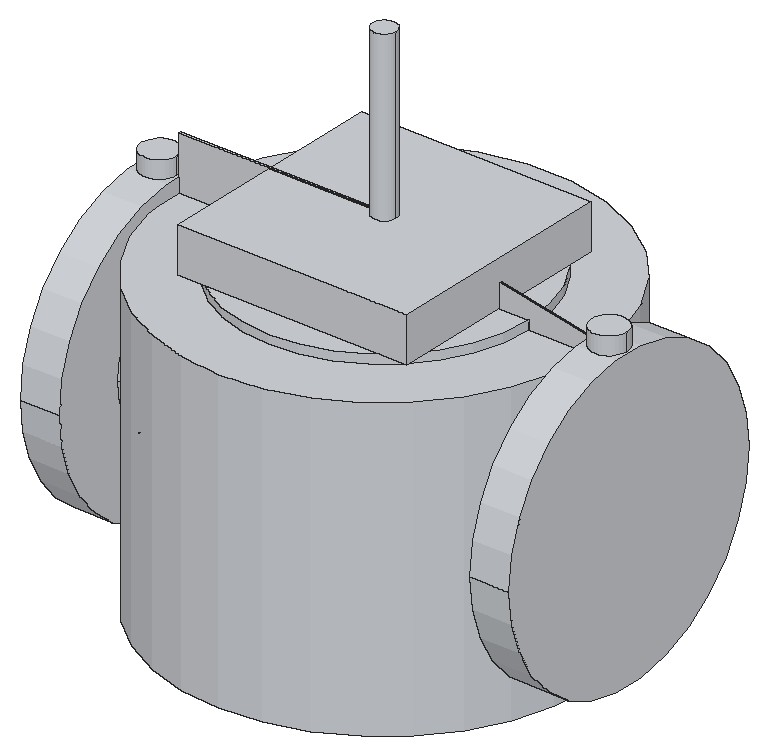
Revit family "OC-FLANGE_LF_DN300_PN25_RFA_2019", category Pipe Accessories, Revit 2019
Family settings
  Round Connector Dimension = Use Diameter
  Part Type = Valve - Breaks Into
  Work Plane-Based = No
  Always vertical = Yes
  Cut with Voids When Loaded = No
  Shared = No
Parameters (values of type "Optima Compact Flange PN25 DN300 LF")
  magiProductId = "927549d0afbe43c2b0a2f05f2749bf"
  magiProductFamilyId = "6671a74a2b704780975e46da077cee"
  magiPartTypeId = 304
  isMeasuringValve [instance] = no
  ang2D [instance] = 0.00°
  W2D = 50 mm
  VersionID = "2.0/2018.12.13.2/FRESE_OPT_COMP_BIG_Q13_001"
  Use Minimum Symbol Size [instance] = no
  URL = "www.hydronic.cz"
  Type Comments = "Přírubový; PN25; 0~110°C, s měřením"
  R4 = 251.65 mm
  R3 = 135.2 mm
  R1 = 359.5 mm
  QmdConnectorList = "301;D;302;D"
  Productdata [instance] = ""
  Manufacturer = "Hydronic Systems Prague s.r.o."
  MC Use Limits From Balancing Method = no
  MC Throttling Minimum Value = 0
  MC Throttling Maximum Value = 0
  MC Product Code = "53-1228 (DN300 LF; 48mm; pohon min 2500N; Qmin-dpmin 190000l/h-10.0kPa; Qmax-dpmin 475000l/h-35.0kPa; dpmax 800kPa)"
  MC Pressure Drop Minimum Value = 0.0 Pa
  MC Pressure Drop Maximum Value = 0.0 Pa
  MC Piping Given Pressure Drop [instance] = 0.0 Pa
  LF__ve = -LF  # -68 mm
  LF2 = 34 mm
  LF = 68 mm
  L4 = 399.5 mm
  L3 = 714 mm
  L2D_Min = 30.48 mm
  L2D = 230 mm
  L2 = 425 mm
  H6 = 290 mm
  H4 = 78 mm
  H3 = 15 mm
  H2 = 286 mm
  H1 = 520 mm
  H = 1132 mm
  Description = "Pressure independent control valve"
  DF2 = 260 mm
  DD = yes
  D = 300 mm
  CAT0 = yes
  Assembly Code = "Tlakově nezávislý 2-cestný regulační vyvažovací ventil (PICV)"
  AL2 = 156 mm
  ACT3W = 167 mm
  ACT3L = 92.5 mm
  ACT2L = 230 mm
  ACT2H = 311 mm
  A3WP = 112 mm
Types (2, lengths in mm): name | magiProductId | R4 | R3 | R1 | MC Product Code | LF__ve | LF2 | LF | L4 | L3 | L2 | H6 | H4 | H2 | H1 | H | DF2 | D
  Optima Compact Flange PN25 DN250 LF | "20821eea46024d2fbc17bc30e76bb6" | 192.15 | 115.44 | 274.5 | "53-1227 (DN250 LF; 48mm; pohon min 2500N; Qmin-dpmin 190000l/h-10.0kPa; Qmax-dpmin 475000l/h-35.0kPa; dpmax 800kPa)" | -58.4 | 29.2 | 58.4 | 343.1 | 613.2 | 365 | 339.4 | 66.6 | 244.2 | 444 | 1094 | 222 | 250
  Optima Compact Flange PN25 DN300 LF | "927549d0afbe43c2b0a2f05f2749bf" | 251.65 | 135.2 | 359.5 | "53-1228 (DN300 LF; 48mm; pohon min 2500N; Qmin-dpmin 190000l/h-10.0kPa; Qmax-dpmin 475000l/h-35.0kPa; dpmax 800kPa)" | -68 | 34 | 68 | 399.5 | 714 | 425 | 290 | 78 | 286 | 520 | 1132 | 260 | 300
Reference planes
  plane 1 "Center (Front/Back)": y = 0
  plane 2 "XYPLANE": z = 0
  plane 3 "Center (Left/Right)": x = 0
  plane 4 "362": y = 45
  plane 5 "361": y = 55
  plane 6 "360": y = -102
  plane 7 "359": y = -112
  plane 8 "358": z = 852
  plane 9 "357": x = -87.5
  plane 10 "356": x = 87.5
  plane 11 "355": x = -92.5
  plane 12 "354": x = 92.5
  plane 13 "353": x = 35
  plane 14 "352": x = -35
  plane 15 "351": z = 627
  plane 16 "350": z = 812
  plane 17 "347": y = -25
  plane 18 "346": y = 25
  plane 19 "342": z = 328
  plane 20 "341": x = 357
  plane 21 "340": x = -357
  plane 22 "335": x = 106
  plane 23 "334": z = 759
  plane 24 "333": z = 684
  plane 25 "332": z = 689
  plane 26 "331": z = 729
  plane 27 "330": z = 561
  plane 28 "329": z = -260
  plane 29 "328": x = -45
  plane 30 "327": x = 45
  plane 31 "326": x = -49
  plane 32 "325": x = 49
  plane 33 "324": y = -20
  plane 34 "323": y = 20
  plane 35 "322": z = 869
  plane 36 "321": z = 872
  plane 37 "320": z = 581
  plane 38 "319": y = -61
  plane 39 "318": y = 73
  plane 40 "317": x = -74
  plane 41 "316": x = 156
  plane 42 "206": x = 391
  plane 43 "205": x = -391
  plane 44 "204": z = 260
  plane 45 "203": z = 327
  plane 46 "202": z = 249
  plane 47 "201": z = 234
  plane 48 "200": x = -357
  plane 49 "199": z = -286
  plane 50 "198": x = 0
  plane 51 "197": y = 0
  plane 52 "196": z = 0
  plane 53 "195": x = -425
  plane 54 "194": x = 425
  plane 55 "193": z = 617
  plane 56 "192": z = 781
Forms (mm)
  Extrusion 1, solid, visible <- "DD"
    sketch origin (750, 0, 0) x (-1, 0, 0) y (0, 0, 1)
      loop
        line (1107, 328) -> (750, 328) -> (393, 260) -> (393, -260) -> (1107, -260) -> (1107, 328)
    from 0 to 3
  Extrusion 2, solid, visible <- "CAT0"
    sketch origin (-750, 0, 260) x (1, 0, 0) y (0, 1, 0)
      loop
        circle (1141, 0) r 30.3
    from 0 to 30
  Extrusion 3, solid, visible <- "CAT0"
    sketch origin (-750, 0, 260) x (1, 0, 0) y (0, 1, 0)
      loop
        circle (359, 0) r 30.3
    from 0 to 30
  Extrusion 4, solid, visible <- "CAT0"
    sketch origin (-750, 0, 327) x (1, 0, 0) y (0, 1, 0)
      loop
        circle (750, 0) r 20
    from 0 to 290 <- "H6"
  Extrusion 5, solid, visible <- "CAT0"
    sketch origin (-750, 0, 249) x (1, 0, 0) y (0, 1, 0)
      loop
        line (949.75, 199.75) -> (550.25, 199.75) -> (550.25, -199.75) -> (949.75, -199.75) -> (949.75, 199.75)
    from 0 to 78 <- "H4"
  Extrusion 6, solid, visible <- "CAT0"
    sketch origin (-750, 0, 234) x (1, 0, 0) y (0, 1, 0)
      loop
        circle (750, 0) r 251.65
    from 0 to 15 <- "H3"
  Extrusion 7, solid, visible <- "CAT0"
    sketch origin (-357, -750, 0) x (0, 1, 0) y (0, 0, 1)
      loop
        circle (750, 0) r 135.2
    from 0 to 714 <- "L3"
  Extrusion 8, solid, visible <- "CAT0"
    sketch origin (-750, 0, -286) x (1, 0, 0) y (0, 1, 0)
      loop
        circle (750, 0) r 359.5
    from 0 to 520 <- "H1"
  Extrusion 9, solid, visible <- "CAT0"
    sketch origin (-425, -750, 0) x (0, 1, 0) y (0, 0, 1)
      loop
        circle (750, 0) r 260
    from 0 to 68 <- "LF"
  Extrusion 10, solid, visible <- "CAT0"
    sketch origin (425, -750, 0) x (0, 1, 0) y (0, 0, 1)
      loop
        circle (750, 0) r 260
    from 0 to -68 <- "LF__ve"
  Extrusion 11, solid, not visible
    sketch origin (-425, -750, 0) x (0, 1, 0) y (0, 0, 1)
      loop
        circle (750, 0) r 10
    from 0 to 10
  Extrusion 12, solid, not visible
    sketch origin (425, -750, 0) x (0, 1, 0) y (0, 0, 1)
      loop
        circle (750, 0) r 10
    from 0 to -10
Lines and regions (mm)
  reference lines, not visible
    curve 1: circle (2, 2, 0) r 1 normal (0, 0, 1)
  reference lines
    curve 2: line (-49, -20, 561) -> (49, -20, 561)
    curve 3: line (49, -20, 561) -> (49, 20, 561)
    curve 4: line (49, 20, 561) -> (-49, 20, 561)
    curve 5: line (-49, 20, 561) -> (-49, -20, 561)
    curve 6: circle (0, 0, 249) r 1 normal (0, 0, 1)
Dimensions and locks
  plane 1 "Center (Front/Back)" to curve 1 = 2 mm
  locked: plane 5 "361" to plane 4 "362" at 10
  "ACT3W": plane 7 "359" to plane 5 "361"
  locked: plane 7 "359" to plane 6 "360" at 10
  "A3WP": plane 51 "197" to plane 7 "359"
  locked: plane 36 "321" to plane 8 "358" at 20
  locked: plane 11 "355" to plane 9 "357" at 5
  locked: plane 12 "354" to plane 10 "356" at 5
  "ACT3L": plane 50 "198" to plane 11 "355"
  "ACT3L": plane 50 "198" to plane 12 "354"
  locked: plane 30 "327" to plane 13 "353" at 10
  locked: plane 29 "328" to plane 14 "352" at 10
  locked: plane 36 "321" to plane 15 "351" at 245
  locked: plane 36 "321" to plane 16 "350" at 60
  locked: plane 51 "197" to plane 17 "347" at 25
  locked: plane 51 "197" to plane 18 "346" at 25
  "LF": plane 44 "204" to plane 19 "342"
  "LF": plane 54 "194" to plane 20 "341"
  "LF": plane 53 "195" to plane 21 "340"
  locked: plane 41 "316" to plane 22 "335" at 50
  locked: plane 26 "331" to plane 23 "334" at 30
  locked: plane 35 "322" to plane 24 "333" at 185
  locked: plane 35 "322" to plane 25 "332" at 180
  locked: plane 35 "322" to plane 26 "331" at 140
  "ACT2H": plane 36 "321" to plane 27 "330"
  "DF2": plane 52 "196" to plane 28 "329"
  locked: plane 30 "327" to plane 29 "328" at 90
  locked: plane 50 "198" to plane 30 "327" at 45
  locked: plane 50 "198" to plane 31 "326" at 49
  locked: plane 50 "198" to plane 32 "325" at 49
  locked: plane 34 "323" to plane 33 "324" at 40
  locked: plane 51 "197" to plane 34 "323" at 20
  locked: plane 36 "321" to plane 35 "322" at 3
  "H": plane 28 "329" to plane 36 "321"
  locked: plane 27 "330" to plane 37 "320" at 20
  locked: plane 51 "197" to plane 38 "319" at 61
  locked: plane 51 "197" to plane 39 "318" at 73
  "ACT2L": plane 41 "316" to plane 40 "317"
  "AL2": plane 50 "198" to plane 41 "316"
  "LF2": plane 54 "194" to plane 42 "206"
  "LF2": plane 53 "195" to plane 43 "205"
  "DF2": plane 2 "XYPLANE" to plane 44 "204"
  "H4": plane 46 "202" to plane 45 "203"
  "H3": plane 47 "201" to plane 46 "202"
  "H1": plane 49 "199" to plane 47 "201"
  "LF": plane 53 "195" to plane 48 "200"
  "H2": plane 2 "XYPLANE" to plane 49 "199"
  locked: plane 3 "Center (Left/Right)" to plane 50 "198"
  locked: plane 1 "Center (Front/Back)" to plane 51 "197"
  locked: plane 2 "XYPLANE" to plane 52 "196"
  "L2": plane 3 "Center (Left/Right)" to plane 53 "195"
  "L2": plane 3 "Center (Left/Right)" to plane 54 "194"
  "H6": plane 45 "203" to plane 55 "193"
  locked: plane 55 "193" to plane 56 "192" at 164
  Extrusion 1 sketch curve to Extrusion 1 sketch curve = 0 mm  (x10)
  equal spacing: Extrusion 5 sketch curve, curve 6, Extrusion 5 sketch curve  (x2)
  "L4": Extrusion 5 sketch curve to Extrusion 5 sketch curve  (x2)
  Extrusion 5 sketch curve to Extrusion 5 sketch curve = 0 mm  (x8)
  "R4": radius of Extrusion 6 sketch curve
  "R3": radius of Extrusion 7 sketch curve
  "R1": radius of Extrusion 8 sketch curve
  "DF2": radius of Extrusion 9 sketch curve
  "DF2": radius of Extrusion 10 sketch curve
  aligned and locked: level to plane 2 "XYPLANE"
  aligned and locked: plane 21 "340" to Extrusion 1 sketch curve  (x2)
  aligned and locked: plane 19 "342" to Extrusion 1 sketch curve
  aligned and locked: plane 28 "329" to Extrusion 1 sketch curve  (x2)
  aligned and locked: plane 20 "341" to Extrusion 1 sketch curve  (x2)
  aligned and locked: plane 44 "204" to Extrusion 1 sketch curve
  aligned and locked: plane 50 "198" to Extrusion 1 sketch curve
  aligned and locked: Extrusion 1 sketch curve to plane 19 "342"
  aligned and locked: curve 2 to plane 33 "324"
  aligned and locked: plane 31 "326" to curve 2
  aligned and locked: plane 32 "325" to curve 2
  aligned and locked: plane 33 "324" to curve 3
  aligned and locked: plane 34 "323" to curve 3
  aligned and locked: plane 32 "325" to curve 4
  aligned and locked: plane 31 "326" to curve 4
  aligned and locked: plane 34 "323" to curve 5
  aligned and locked: plane 42 "206" to Extrusion 2 sketch curve
  aligned and locked: plane 51 "197" to Extrusion 2 sketch curve
  aligned and locked: plane 43 "205" to Extrusion 3 sketch curve
  aligned and locked: plane 51 "197" to Extrusion 3 sketch curve
  aligned and locked: plane 50 "198" to Extrusion 4 sketch curve
  aligned and locked: plane 51 "197" to Extrusion 4 sketch curve
  aligned and locked: plane 50 "198" to curve 6
  aligned and locked: plane 51 "197" to curve 6
  aligned and locked: plane 50 "198" to Extrusion 6 sketch curve
  aligned and locked: plane 51 "197" to Extrusion 6 sketch curve
  aligned and locked: Extrusion 7 sketch curve to plane 51 "197"
  aligned and locked: plane 52 "196" to Extrusion 7 sketch curve
  aligned and locked: plane 50 "198" to Extrusion 8 sketch curve
  aligned and locked: plane 51 "197" to Extrusion 8 sketch curve
  aligned and locked: Extrusion 9 sketch curve to plane 51 "197"
  aligned and locked: plane 52 "196" to Extrusion 9 sketch curve
  aligned and locked: Extrusion 10 sketch curve to plane 51 "197"
  aligned and locked: plane 52 "196" to Extrusion 10 sketch curve
  aligned and locked: Extrusion 11 sketch curve to plane 51 "197"
  aligned and locked: plane 52 "196" to Extrusion 11 sketch curve
  aligned and locked: Extrusion 12 sketch curve to plane 51 "197"
  aligned and locked: plane 52 "196" to Extrusion 12 sketch curve
Automatic sketch dimensions
  plane 20 "341" to Extrusion 2 sketch curve = 3.7 mm
  plane 53 "195" to Extrusion 3 sketch curve = 3.7 mm
  plane 14 "352" to Extrusion 4 sketch curve = 15 mm
  plane 1 "Center (Front/Back)" to Extrusion 11 sketch curve = 10 mm
  plane 1 "Center (Front/Back)" to Extrusion 12 sketch curve = 10 mm
  plane 3 "Center (Left/Right)" to curve 1 = 2 mm
  Extrusion 5 sketch curve to plane 11 "355" = 107.25 mm
  Extrusion 5 sketch curve to plane 7 "359" = 87.75 mm
  radius of curve 6 = 1 mm
  radius of curve 1 = 1 mm
Connectors
  piping at (-425, 0, 0), diameter 300, driven by "D"
    settings: on Extrusion 11, index 1, connector inside diameter 609.6 mm, connector length 0 mm, flow factor 0, pipe flow 0.0 L/s, pressure drop 0.0 Pa, fitting loss kfactor 0, connector angle 0.00°, fixture units 0, engagement length 0 mm, angle of deflection 0.00°, flow configuration 0, flow direction 0, fitting loss method 0, system type 29, joint type 0, gender type 0, connector reference index 2, connector utility 0, adjustable connector no, is connector primary yes, connector description ""
  piping at (425, 0, 0), diameter 300, driven by "D"
    settings: on Extrusion 12, index 2, connector inside diameter 609.6 mm, connector length 0 mm, flow factor 0, pipe flow 0.0 L/s, pressure drop 0.0 Pa, fitting loss kfactor 0, connector angle 0.00°, fixture units 0, engagement length 0 mm, angle of deflection 0.00°, flow configuration 0, flow direction 0, fitting loss method 0, system type 29, joint type 0, gender type 0, connector reference index 1, connector utility 0, adjustable connector no, is connector primary no, connector description ""
